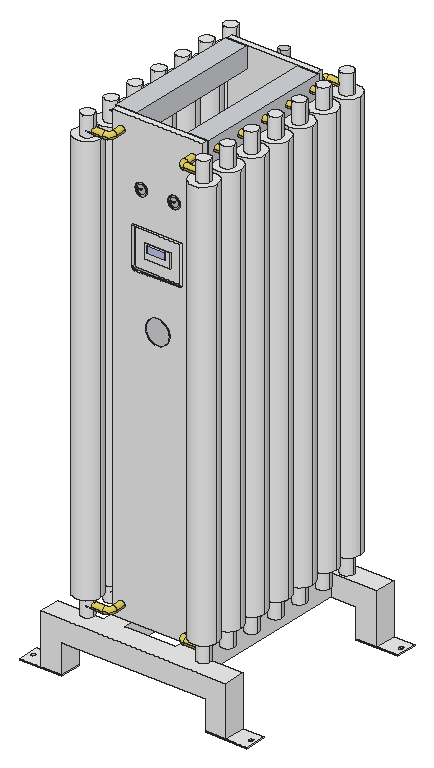
Revit family "Chaine de traitement par Absorption (support au sol) - AD5455", category Equipement spécialisé, Revit 2018
Family settings
  Cote de connecteur circulaire = Utiliser le diamètre
  Type d'élément = Normal
  Basée sur le plan de construction = Non
  Toujours verticalement = Oui
  Couper avec des vides une fois chargée = Non
  Partagée = Non
  Point de calcul de pièce = Non
Parameters (values of type "SEC 7 HC - AD 5455")
  TERRE = yes
  TENSION_ALIM = 230 V  # constant formula
  Rayon_Raccord_Face_Avant = 40 mm
  Rayon_Percement_Fixation_Sol = Diametre_Percement_Fixation_Sol / 2  # 7 mm
  Profondeur_Totale = 700 mm
  PUISS_ELECT_X = 0.15 kW
  PUISS_APPARENTE_X = PUISS_ELECT_X / COS_PHI  # 166.667 VA
  PROTEC_ELECT_X = "Disjoncteur courbe D - 1 A"
  POIDS(Kg) = 330 mm
  P1 = Epaisseur_Cache - 10 mm  # 10 mm
  NEUTRE = yes
  NBR_POLES = 1
  Modèle = "SEC 7 HC - AD 5455"
  Lien espace client = "https://www.mils.fr/en/customers-area/"
  Largeur_Totale = 760 mm
  Largeur_Pieds = 480 mm
  Largeur_Panneaux_Avant_Arriere = 300 mm
  LONGUEUR = Profondeur_Totale  # 700 mm
  LARGEUR = Largeur_Totale  # 760 mm
  Hauteur_Totale = 1690 mm
  Hauteur_Sol_Barres = 100 mm
  Hauteur_Rouleau = 1505 mm
  HAUTEUR = Hauteur_Totale  # 1690 mm
  Fabricant = "MIL'S"
  FREQUENCE = 50 Hz  # constant formula
  Epaisseur_Cache = 20 mm
  Epaisseur_Barre_Support = 70 mm
  Entraxe_Vertical_Percement_Fixation_Sol = 630 mm
  Entraxe_Rouleaux = 390 mm
  Entraxe_Manometres = 110 mm
  Entraxe_Horizontal_Percement_Fixation_Sol = 730 mm
  Entraxe_Barres_Verticales = 310 mm
  Entraxe_Barres_Horizontales = 560 mm
  E2 = Epaisseur_Barre_Support / 2  # 35 mm
  E1 = Epaisseur_Barre_Support * 2  # 140 mm
  Distance_Panneaux_Avant_Arriere = 500 mm
  Diametre_Raccord_Face_Avant = Rayon_Raccord_Face_Avant * 2  # 80 mm
  Diametre_Percement_Fixation_Sol = 14 mm
  DIAM_SORTIE_AIR = 32 mm
  DIAM_ENTREE_AIR = 32 mm
  DESCR_SORTIE_AIR = "Sortie Air ; 455 m3/h à 10 bar ; ID G 1\"1/4 ;"
  DESCR_ENTREE_AIR = "Entrée Air ; 455 m3/h à 10 bar ; ID G 1\"1/4 ;"
  DESCR_ALIM_X = "Alimentation X ; ID 3G1mm² ;"
  DEBIT_SORTIE_AIR = 455.0 m³/h
  DEBIT_ENTREE_AIR = DEBIT_SORTIE_AIR  # 455.0 m³/h
  COS_PHI = 0.9  # constant formula
Reference planes
  plane 1 "Centre (avant/arrière)": y = 0
  plane 2: z = 0
  plane 3 "Centre (gauche/droite)": x = 0
  plane 4: y = 350
  plane 5: y = 280
  plane 6: y = -280
  plane 7: y = -350
  plane 8: x = -155
  plane 9: x = -85
  plane 10: x = 85
  plane 11: x = 155
  plane 12: y = 500
  plane 13: y = -500
  plane 14: x = -380
  plane 15: x = 380
  plane 16: x = -120
  plane 17: x = 120
  plane 18: x = -240
  plane 19: x = 240
  plane 20: z = 1690
  plane 21: y = -330
  plane 22: y = 350
  plane 23: y = 330
  plane 24: y = -340
  plane 25: x = -365
  plane 26: x = 365
  plane 27: y = -315
  plane 28: y = 315
  plane 29: x = -195
  plane 30: x = 195
  plane 31: y = -200
  plane 32: y = -100
  plane 33: y = 0
  plane 34: y = 100
  plane 35: y = 200
  plane 36: y = 300
  plane 37: y = -300
  plane 38: y = 250
  plane 39: y = -250
  plane 40: y = 230
  plane 41: y = -230
  plane 42: z = 1480
  plane 43: x = -55
  plane 44: x = 55
Forms (mm)
  Extrusion 1, solid, material "Aluminium - Laqué, Blanc"
    sketch origin (0, 0, 0) x (1, 0, 0) y (0, 1, 0)
      loop
        line (-380, 350) -> (-380, 280) -> (-240, 280) -> (-240, 350) -> (-380, 350)
      loop
        line (-380, -280) -> (-380, -350) -> (-240, -350) -> (-240, -280) -> (-380, -280)
      loop
        line (380, 350) -> (240, 350) -> (240, 280) -> (380, 280) -> (380, 350)
      loop
        line (380, -280) -> (240, -280) -> (240, -350) -> (380, -350) -> (380, -280)
    from 0 to 2.5
  Sweep 2, solid, material "Aluminium - Laqué, Blanc"
    path origin (0, 0, 0) x (1, 0, 0) y (0, 0, 1)
      loop
        line (-240, 2.5) -> (-240, 100) -> (240, 100) -> (240, 2.5)
    profile origin (-240, 0, 51.25) x (-1, 0, 0) y (0, -1, 0)
      loop
        line (0, -350) -> (70, -350) -> (70, -280) -> (0, -280) -> (0, -350)
      loop
        line (0, 280) -> (70, 280) -> (70, 350) -> (0, 350) -> (0, 280)
  Extrusion 3, solid, material "Aluminium - Laqué, Blanc"
    sketch origin (0, 0, 0) x (1, 0, 0) y (0, 0, 1)
      loop
        line (-155, 170) -> (-155, 100) -> (-85, 100) -> (-85, 170) -> (-155, 170)
      loop
        line (85, 170) -> (85, 100) -> (155, 100) -> (155, 170) -> (85, 170)
    from -280 to 280
  Extrusion 4, solid, material "Aluminium - Laqué, Blanc"
    sketch origin (0, 0, 0) x (1, 0, 0) y (0, 0, 1)
      loop
        line (-150, 1690) -> (-150, 170) -> (150, 170) -> (150, 1690) -> (-150, 1690)
      loop
        circle (0, 1070.886) r 40
      loop
        circle (-55, 1480) r 20
      loop
        circle (55, 1480) r 20
      loop
        arc (-75, 1370) -> (-82.071, 1367.071) -> (-85, 1360) r 10
        line (-85, 1360) -> (-85, 1240)
        arc (-85, 1240) -> (-82.071, 1232.929) -> (-75, 1230) r 10
        line (-75, 1230) -> (75, 1230)
        arc (75, 1230) -> (82.071, 1232.929) -> (85, 1240) r 10
        line (85, 1240) -> (85, 1360)
        arc (85, 1360) -> (82.071, 1367.071) -> (75, 1370) r 10
        line (75, 1370) -> (-75, 1370)
    from 250 to 230
  Extrusion 5, solid
    sketch origin (0, 0, 0) x (1, 0, 0) y (0, 0, 1)
      loop
        circle (0, 1070.886) r 40
    from 230 to 250
  Extrusion 6, solid, material "Aluminium - Laqué, Blanc"
    sketch origin (0, 0, 0) x (1, 0, 0) y (0, 0, 1)
      loop
        line (-150, 1690) -> (-150, 170) -> (150, 170) -> (150, 1690) -> (-150, 1690)
    from -230 to -250
  Sweep 7, solid
    path origin (0, 0, 0) x (0, 1, 0) y (0, 0, 1)
      loop
        line (250, 1650) -> (260, 1650)
        arc (260, 1650) -> (274.142, 1655.858) -> (280, 1670) r 20
        line (280, 1670) -> (280, 1690)
    profile origin (0, 255, 1650) x (0, 0, 1) y (1, 0, 0)
      loop
        circle (0, 0) r 16
  Extrusion 8, void
    sketch origin (0, 0, 0) x (1, 0, 0) y (0, 1, 0)
      loop
        circle (-365, 315) r 7
      loop
        circle (-365, -315) r 7
      loop
        circle (365, -315) r 7
      loop
        circle (365, 315) r 7
    from 0 to 2.5
  Extrusion 9, solid, material "Brass 6E7D908B"
    sketch origin (0, 0, 0) x (0, 1, 0) y (0, 0, 1)
      loop
        circle (200, 1657.5) r 10
      loop
        circle (200, 212.5) r 10
      loop
        circle (100, 1657.5) r 10
      loop
        circle (100, 212.5) r 10
      loop
        circle (0, 1657.5) r 10
      loop
        circle (0, 212.5) r 10
      loop
        circle (-100, 1657.5) r 10
      loop
        circle (-100, 212.5) r 10
      loop
        circle (-200, 1657.5) r 10
      loop
        circle (-200, 212.5) r 10
    from -195 to -155
  Extrusion 10, solid, material "Brass 6E7D908B"
    sketch origin (0, 0, 0) x (0, 1, 0) y (0, 0, -1)
      loop
        circle (200, -1657.5) r 10
      loop
        circle (200, -212.5) r 10
      loop
        circle (100, -1657.5) r 10
      loop
        circle (100, -212.5) r 10
      loop
        circle (0, -1657.5) r 10
      loop
        circle (0, -212.5) r 10
      loop
        circle (-100, -1657.5) r 10
      loop
        circle (-100, -212.5) r 10
      loop
        circle (-200, -1657.5) r 10
      loop
        circle (-200, -212.5) r 10
    from -195 to -155
  Extrusion 11, solid
    sketch origin (0, 0, 70) x (1, 0, 0) y (0, 0, 1)
      loop
        line (-155, 170) -> (-155, 100) -> (-85, 100) -> (-85, 170) -> (-155, 170)
      loop
        line (85, 170) -> (85, 100) -> (155, 100) -> (155, 170) -> (85, 170)
    from -230 to 230
  Sweep 12, solid, material "Brass 6E7D908B"
    path origin (0, 0, 0) x (1, 0, 0) y (0, 1, 0)
      loop
        line (-195, 300) -> (-135, 300)
        arc (-135, 300) -> (-124.393, 295.607) -> (-120, 285) r 15
        line (-120, 285) -> (-120, 250)
    profile origin (-165, 300, 0) x (0, 1, 0) y (0, 0, 1)
      loop
        circle (0, 1637.5) r 10
  Sweep 13, solid, material "Brass 6E7D908B"
    path origin (0, 0, 0) x (-1, 0, 0) y (0, 1, 0)
      loop
        line (-195, 300) -> (-135, 300)
        arc (-135, 300) -> (-124.393, 295.607) -> (-120, 285) r 15
        line (-120, 285) -> (-120, 250)
    profile origin (165, 300, 0) x (0, -1, 0) y (0, 0, 1)
      loop
        circle (0, 1637.5) r 10
  Sweep 14, solid, material "Brass 6E7D908B"
    path origin (0, 0, 0) x (1, 0, 0) y (0, -1, 0)
      loop
        line (-195, 300) -> (-135, 300)
        arc (-135, 300) -> (-124.393, 295.607) -> (-120, 285) r 15
        line (-120, 285) -> (-120, 250)
    profile origin (-165, -300, 0) x (0, 1, 0) y (0, 0, 1)
      loop
        circle (0, 1637.5) r 10
  Sweep 15, solid, material "Brass 6E7D908B"
    path origin (0, 0, 0) x (-1, 0, 0) y (0, -1, 0)
      loop
        line (-195, 300) -> (-135, 300)
        arc (-135, 300) -> (-124.393, 295.607) -> (-120, 285) r 15
        line (-120, 285) -> (-120, 250)
    profile origin (165, -300, 0) x (0, -1, 0) y (0, 0, 1)
      loop
        circle (0, 1637.5) r 10
  Extrusion 16, solid
    sketch origin (0, 0, 1500) x (1, 0, 0) y (0, 0, 1)
      loop
        line (-155, 190) -> (-155, 120) -> (-85, 120) -> (-85, 190) -> (-155, 190)
      loop
        line (85, 190) -> (85, 120) -> (155, 120) -> (155, 190) -> (85, 190)
    from -230 to 230
  Sweep 17, solid, material "Brass 6E7D908B"
    path origin (0, 0, -1425) x (1, 0, 0) y (0, 1, 0)
      loop
        line (-195, 300) -> (-135, 300)
        arc (-135, 300) -> (-124.393, 295.607) -> (-120, 285) r 15
        line (-120, 285) -> (-120, 250)
    profile origin (-165, 300, -1425) x (0, 1, 0) y (0, 0, 1)
      loop
        circle (0, 1637.5) r 10
  Sweep 18, solid, material "Brass 6E7D908B"
    path origin (0, 0, -1425) x (-1, 0, 0) y (0, 1, 0)
      loop
        line (-195, 300) -> (-135, 300)
        arc (-135, 300) -> (-124.393, 295.607) -> (-120, 285) r 15
        line (-120, 285) -> (-120, 250)
    profile origin (165, 300, -1425) x (0, -1, 0) y (0, 0, 1)
      loop
        circle (0, 1637.5) r 10
  Sweep 19, solid, material "Brass 6E7D908B"
    path origin (0, 0, -1425) x (1, 0, 0) y (0, -1, 0)
      loop
        line (-195, 300) -> (-135, 300)
        arc (-135, 300) -> (-124.393, 295.607) -> (-120, 285) r 15
        line (-120, 285) -> (-120, 250)
    profile origin (-165, -300, -1425) x (0, 1, 0) y (0, 0, 1)
      loop
        circle (0, 1637.5) r 10
  Sweep 20, solid, material "Brass 6E7D908B"
    path origin (0, 0, -1425) x (-1, 0, 0) y (0, -1, 0)
      loop
        line (-195, 300) -> (-135, 300)
        arc (-135, 300) -> (-124.393, 295.607) -> (-120, 285) r 15
        line (-120, 285) -> (-120, 250)
    profile origin (165, -300, -1425) x (0, -1, 0) y (0, 0, 1)
      loop
        circle (0, 1637.5) r 10
Cuts and joins
  joined: Sweep 2, Extrusion 3
  Extrusion 8 cuts Extrusion 1
Dimensions and locks
  equal spacing: plane 4, plane 1 "Centre (avant/arrière)", plane 7
  "Profondeur_Totale": plane 4 to plane 7
  "Epaisseur_Barre_Support": plane 4 to plane 5
  "Epaisseur_Barre_Support": plane 6 to plane 7
  "Entraxe_Barres_Verticales": plane 8 to plane 11
  equal spacing: plane 8, plane 3 "Centre (gauche/droite)", plane 11
  "Epaisseur_Barre_Support": plane 8 to plane 9
  "Epaisseur_Barre_Support": plane 10 to plane 11
  equal spacing: plane 14, plane 3 "Centre (gauche/droite)", plane 15
  "Largeur_Totale": plane 14 to plane 15
  equal spacing: plane 8, plane 16, plane 9
  equal spacing: plane 10, plane 17, plane 11
  "Hauteur_Sol_Barres": Sweep 2 sketch curve to level
  "Epaisseur_Barre_Support": Sweep 2 sketch curve to plane 18
  "Hauteur_Totale": plane 20 to level
  "Epaisseur_Cache": plane 21 to plane 7
  "Epaisseur_Cache": plane 4 to plane 23
  "P1": plane 21 to plane 24
  equal spacing: plane 28, plane 1 "Centre (avant/arrière)", plane 27
  equal spacing: plane 25, plane 3 "Centre (gauche/droite)", plane 26
  "Entraxe_Horizontal_Percement_Fixation_Sol": plane 25 to plane 26
  "Entraxe_Vertical_Percement_Fixation_Sol": plane 28 to plane 27
  equal spacing: plane 29, plane 3 "Centre (gauche/droite)", plane 30
  "Entraxe_Rouleaux": plane 29 to plane 30
  equal spacing: plane 36, plane 35, plane 34, plane 33, plane 32, plane 31, plane 37
  plane 36 to plane 37 = 600 mm
  equal spacing: plane 18, plane 3 "Centre (gauche/droite)", plane 19
  "Largeur_Pieds": plane 18 to plane 19
  "E1": Sweep 2 sketch curve to plane 14
  "E1": plane 15 to Sweep 2 sketch curve
  equal spacing: Extrusion 6, plane 3 "Centre (gauche/droite)", Extrusion 6
  equal spacing: Extrusion 4 sketch curve, plane 3 "Centre (gauche/droite)", Extrusion 4 sketch curve
  "Largeur_Panneaux_Avant_Arriere": Extrusion 4 sketch curve to Extrusion 4 sketch curve
  equal spacing: plane 38, plane 1 "Centre (avant/arrière)", plane 39
  "Distance_Panneaux_Avant_Arriere": plane 38 to plane 39
  equal spacing: plane 40, plane 1 "Centre (avant/arrière)", plane 41
  "Epaisseur_Cache": plane 38 to plane 40
  plane 41 to plane 39 = 20 mm
  equal spacing: plane 44, plane 3 "Centre (gauche/droite)", plane 43
  "Entraxe_Manometres": plane 44 to plane 43
  "Rayon_Raccord_Face_Avant": radius of Extrusion 4 sketch curve
  "Rayon_Raccord_Face_Avant": radius of Extrusion 5 sketch curve
  "Rayon_Percement_Fixation_Sol": radius of Extrusion 8 sketch curve  (x4)
  aligned and locked: level to plane 2
  aligned and locked: Extrusion 1 sketch curve to plane 4
  aligned and locked: plane 14 to Extrusion 1 sketch curve  (x2)
  aligned and locked: plane 5 to Extrusion 1 sketch curve
  aligned and locked: Extrusion 1 sketch curve to plane 6
  aligned and locked: plane 7 to Extrusion 1 sketch curve
  aligned and locked: plane 4 to Extrusion 1 sketch curve
  aligned and locked: plane 15 to Extrusion 1 sketch curve  (x2)
  aligned and locked: Extrusion 1 sketch curve to plane 5
  aligned and locked: plane 6 to Extrusion 1 sketch curve
  aligned and locked: Extrusion 1 sketch curve to plane 7
  aligned and locked: Extrusion 1 to Sweep 2 sketch curve  (x2)
  aligned and locked: Sweep 2 sketch curve to Sweep 2 sketch curve
  aligned and locked: Extrusion 3 sketch curve to Sweep 2  (x4)
  aligned and locked: plane 8 to Extrusion 3 sketch curve
  aligned and locked: Extrusion 3 sketch curve to plane 9
  aligned and locked: plane 10 to Extrusion 3 sketch curve
  aligned and locked: Extrusion 3 sketch curve to plane 11
  aligned and locked: Extrusion 1 sketch curve to plane 18  (x2)
  aligned and locked: Extrusion 1 sketch curve to plane 19  (x2)
  aligned and locked: Sweep 2 sketch curve to plane 5
  aligned and locked: plane 6 to Sweep 2 sketch curve
  aligned and locked: plane 18 to Sweep 2 sketch curve  (x2)
  aligned and locked: Extrusion 4 sketch curve to plane 20
  aligned and locked: cut or joined group of Sweep 2, Extrusion 3 to Extrusion 4 sketch curve
  aligned and locked: Extrusion 6 sketch curve to Extrusion 4  (x2)
  aligned and locked: plane 29 to nested 16
  aligned and locked: plane 29 to nested 14
  aligned and locked: plane 29 to nested 3
  aligned and locked: plane 29 to nested 2
  aligned and locked: plane 29 to nested 1
  aligned and locked: plane 29 to nested 4
  aligned and locked: plane 29 to nested 5
  aligned and locked: plane 30 to nested 17
  aligned and locked: plane 30 to nested 15
  aligned and locked: plane 30 to nested 8
  aligned and locked: plane 30 to nested 7
  aligned and locked: plane 30 to nested 6
  aligned and locked: plane 30 to nested 9
  aligned and locked: plane 30 to nested 10
  aligned and locked: nested 16 to plane 36
  aligned and locked: plane 36 to nested 17
  aligned and locked: nested 14 to plane 35
  aligned and locked: plane 35 to nested 15
  aligned and locked: nested 3 to plane 34
  aligned and locked: plane 34 to nested 8
  aligned and locked: nested 2 to plane 33
  aligned and locked: plane 33 to nested 7
  aligned and locked: nested 1 to plane 32
  aligned and locked: plane 32 to nested 6
  aligned and locked: nested 4 to plane 31
  aligned and locked: plane 31 to nested 9
  aligned and locked: nested 5 to plane 37
  aligned and locked: plane 37 to nested 10
  aligned and locked: Extrusion 9 to plane 29
  aligned and locked: plane 8 to Extrusion 9
  aligned and locked: plane 29 to Extrusion 9
  aligned and locked: Extrusion 10 to plane 11
  aligned and locked: Extrusion 4 sketch curve to nested 13  (x4)
  aligned and locked: plane 38 to Extrusion 6
  aligned and locked: plane 40 to Extrusion 6
  aligned and locked: Extrusion 4 to plane 39
  aligned and locked: Extrusion 6 to plane 38
  aligned and locked: Extrusion 6 to plane 40
  aligned and locked: plane 39 to Extrusion 4
  aligned and locked: Extrusion 4 to plane 41
  aligned and locked: plane 39 to nested 11
  aligned and locked: plane 39 to nested 12
  aligned and locked: Extrusion 5 to plane 41
  aligned and locked: Extrusion 5 to plane 39
  aligned and locked: plane 42 to nested 11
  aligned and locked: plane 42 to nested 12
  aligned and locked: plane 43 to nested 11
  aligned and locked: plane 44 to nested 12
  aligned and locked: cut or joined group of Sweep 2, Extrusion 3 to plane 6
  aligned and locked: plane 5 to cut or joined group of Sweep 2, Extrusion 3
  aligned and locked: Extrusion 11 to Extrusion 6
  aligned and locked: Extrusion 11 to Extrusion 4
  aligned and locked: plane 38 to Sweep 12 sketch curve
  aligned and locked: nested 16 to Sweep 12 sketch curve
Automatic sketch dimensions
  level to Sweep 2 sketch curve = 2.5 mm  (x2)
  Extrusion 4 sketch curve to plane 42 = 0 mm  (x2)
  Extrusion 4 sketch curve to plane 43 = 0 mm
  Extrusion 4 sketch curve to plane 3 "Centre (gauche/droite)" = 0 mm
  Extrusion 4 sketch curve to plane 44 = 0 mm
  plane 9 to Extrusion 4 sketch curve = 10 mm  (x2)
  Extrusion 4 sketch curve to plane 10 = 10 mm  (x2)
  Extrusion 4 sketch curve to Extrusion 4 sketch curve = 159.114 mm
  Extrusion 5 sketch curve to plane 3 "Centre (gauche/droite)" = 0 mm
  Extrusion 5 sketch curve to plane 42 = 409.114 mm
  plane 8 to Extrusion 6 sketch curve = 5 mm
  Extrusion 6 sketch curve to plane 11 = 5 mm
  Sweep 7 sketch curve to plane 38 = 0 mm
  Sweep 7 sketch curve to plane 5 = 0 mm
  Sweep 7 sketch curve to plane 20 = 0 mm
  plane 38 to Sweep 7 sketch curve = 10 mm
  Sweep 7 sketch curve to Sweep 7 sketch curve = 20 mm
  Sweep 7 sketch curve to plane 3 "Centre (gauche/droite)" = 0 mm
  Sweep 7 sketch curve to profile plane = 0 mm
  Extrusion 8 sketch curve to plane 25 = 0 mm  (x2)
  Extrusion 8 sketch curve to plane 26 = 0 mm  (x2)
  Extrusion 8 sketch curve to plane 27 = 0 mm  (x2)
  Extrusion 8 sketch curve to plane 28 = 0 mm  (x2)
  Extrusion 9 sketch curve to plane 31 = 0 mm  (x2)
  Extrusion 9 sketch curve to plane 32 = 0 mm  (x2)
  Extrusion 9 sketch curve to plane 1 "Centre (avant/arrière)" = 0 mm  (x2)
  Extrusion 9 sketch curve to plane 34 = 0 mm  (x2)
  Extrusion 9 sketch curve to plane 35 = 0 mm  (x2)
  level to Extrusion 9 sketch curve = 212.5 mm
  Extrusion 9 sketch curve to Extrusion 9 sketch curve = 0 mm  (x4)
  Extrusion 9 sketch curve to plane 20 = 32.5 mm  (x5)
  Extrusion 10 sketch curve to plane 31 = 0 mm  (x2)
  Extrusion 10 sketch curve to plane 32 = 0 mm  (x2)
  Extrusion 10 sketch curve to plane 1 "Centre (avant/arrière)" = 0 mm  (x2)
  Extrusion 10 sketch curve to plane 34 = 0 mm  (x2)
  Extrusion 10 sketch curve to plane 35 = 0 mm  (x2)
  Extrusion 10 sketch curve to plane 20 = 32.5 mm  (x5)
  level to Extrusion 10 sketch curve = 212.5 mm  (x2)
  Extrusion 10 sketch curve to Extrusion 10 sketch curve = 0 mm  (x3)
  Extrusion 11 sketch curve to plane 8 = 0 mm
  Extrusion 11 sketch curve to plane 9 = 0 mm
  Extrusion 11 sketch curve to plane 10 = 0 mm
  Extrusion 11 sketch curve to plane 11 = 0 mm
  level to Extrusion 11 sketch curve = 170 mm  (x2)
  Extrusion 11 sketch curve to Extrusion 11 sketch curve = 70 mm  (x2)
  Sweep 12 sketch curve to plane 36 = 0 mm
  Sweep 12 sketch curve to plane 16 = 0 mm
  plane 5 to Sweep 12 sketch curve = 5 mm
  Sweep 12 sketch curve to profile plane = 0 mm
  level to Sweep 12 sketch curve = 1637.5 mm
  Sweep 13 sketch curve to plane 30 = 0 mm
  Sweep 13 sketch curve to plane 36 = 0 mm
  Sweep 13 sketch curve to plane 17 = 0 mm
  Sweep 13 sketch curve to plane 38 = 0 mm
  Sweep 13 sketch curve to plane 5 = 5 mm
  Sweep 13 sketch curve to profile plane = 0 mm
  level to Sweep 13 sketch curve = 1637.5 mm
  Sweep 14 sketch curve to plane 29 = 0 mm
  Sweep 14 sketch curve to plane 37 = 0 mm
  Sweep 14 sketch curve to plane 16 = 0 mm
  Sweep 14 sketch curve to plane 39 = 0 mm
  plane 6 to Sweep 14 sketch curve = 5 mm
  Sweep 14 sketch curve to profile plane = 0 mm
  level to Sweep 14 sketch curve = 1637.5 mm
  Sweep 15 sketch curve to plane 30 = 0 mm
  Sweep 15 sketch curve to plane 37 = 0 mm
  Sweep 15 sketch curve to plane 17 = 0 mm
  Sweep 15 sketch curve to plane 39 = 0 mm
  Sweep 15 sketch curve to plane 6 = 5 mm
  Sweep 15 sketch curve to profile plane = 0 mm
  level to Sweep 15 sketch curve = 1637.5 mm
  Extrusion 16 sketch curve to plane 8 = 0 mm
  Extrusion 16 sketch curve to plane 9 = 0 mm
  Extrusion 16 sketch curve to plane 10 = 0 mm
  Extrusion 16 sketch curve to plane 11 = 0 mm
  Extrusion 16 sketch curve to plane 20 = 0 mm  (x2)
  Extrusion 16 sketch curve to plane 20 = 70 mm  (x2)
  Sweep 17 sketch curve to plane 29 = 0 mm
  Sweep 17 sketch curve to plane 36 = 0 mm
  Sweep 17 sketch curve to plane 16 = 0 mm
  Sweep 17 sketch curve to plane 38 = 0 mm
  plane 5 to Sweep 17 sketch curve = 5 mm
  Sweep 17 sketch curve to profile plane = 0 mm
  profile plane to Sweep 17 sketch curve = 1637.5 mm
  Sweep 18 sketch curve to plane 30 = 0 mm
  Sweep 18 sketch curve to plane 36 = 0 mm
  Sweep 18 sketch curve to plane 17 = 0 mm
  Sweep 18 sketch curve to plane 38 = 0 mm
  Sweep 18 sketch curve to plane 5 = 5 mm
  Sweep 18 sketch curve to profile plane = 0 mm
  profile plane to Sweep 18 sketch curve = 1637.5 mm
  Sweep 19 sketch curve to plane 29 = 0 mm
  Sweep 19 sketch curve to plane 37 = 0 mm
  Sweep 19 sketch curve to plane 16 = 0 mm
  Sweep 19 sketch curve to plane 39 = 0 mm
  plane 6 to Sweep 19 sketch curve = 5 mm
  Sweep 19 sketch curve to profile plane = 0 mm
  profile plane to Sweep 19 sketch curve = 1637.5 mm
  Sweep 20 sketch curve to plane 30 = 0 mm
  Sweep 20 sketch curve to plane 37 = 0 mm
  Sweep 20 sketch curve to plane 17 = 0 mm
  Sweep 20 sketch curve to plane 39 = 0 mm
  Sweep 20 sketch curve to plane 6 = 5 mm
  Sweep 20 sketch curve to profile plane = 0 mm
  profile plane to Sweep 20 sketch curve = 1637.5 mm
  radius of Extrusion 4 sketch curve = 20 mm  (x2)
  radius of Sweep 7 sketch curve = 16 mm
  radius of Extrusion 9 sketch curve = 10 mm  (x10)
  radius of Extrusion 10 sketch curve = 10 mm  (x10)
  radius of Sweep 12 sketch curve = 10 mm
  radius of Sweep 13 sketch curve = 10 mm
  radius of Sweep 14 sketch curve = 10 mm
  radius of Sweep 15 sketch curve = 10 mm
  radius of Sweep 17 sketch curve = 10 mm
  radius of Sweep 18 sketch curve = 10 mm
  radius of Sweep 19 sketch curve = 10 mm
  radius of Sweep 20 sketch curve = 10 mm
Nested families
  nested 1: "Rouleau Filtration Air" at (-195, -100, 180), type "Rouleau Filtration Air"
    with Hauteur_Totale 1505 mm, Hauteur_Rouleau 1375 mm, H1 1440 mm
  nested 2: "Rouleau Filtration Air" at (-195, 0, 180), type "Rouleau Filtration Air"
    with Hauteur_Totale 1505 mm, Hauteur_Rouleau 1375 mm, H1 1440 mm
  nested 3: "Rouleau Filtration Air" at (-195, 100, 180), type "Rouleau Filtration Air"
    with Hauteur_Totale 1505 mm, Hauteur_Rouleau 1375 mm, H1 1440 mm
  nested 4: "Rouleau Filtration Air" at (-195, -200, 180), type "Rouleau Filtration Air"
    with Hauteur_Totale 1505 mm, Hauteur_Rouleau 1375 mm, H1 1440 mm
  nested 5: "Rouleau Filtration Air" at (-195, -300, 180), type "Rouleau Filtration Air"
    with Hauteur_Totale 1505 mm, Hauteur_Rouleau 1375 mm, H1 1440 mm
  nested 6: "Rouleau Filtration Air" at (195, -100, 180) x (-1, 0, 0) z (0, 0, 1), type "Rouleau Filtration Air"
    with Hauteur_Totale 1505 mm, Hauteur_Rouleau 1375 mm, H1 1440 mm
  nested 7: "Rouleau Filtration Air" at (195, 0, 180) x (-1, 0, 0) z (0, 0, 1), type "Rouleau Filtration Air"
    with Hauteur_Totale 1505 mm, Hauteur_Rouleau 1375 mm, H1 1440 mm
  nested 8: "Rouleau Filtration Air" at (195, 100, 180) x (-1, 0, 0) z (0, 0, 1), type "Rouleau Filtration Air"
    with Hauteur_Totale 1505 mm, Hauteur_Rouleau 1375 mm, H1 1440 mm
  nested 9: "Rouleau Filtration Air" at (195, -200, 180) x (-1, 0, 0) z (0, 0, 1), type "Rouleau Filtration Air"
    with Hauteur_Totale 1505 mm, Hauteur_Rouleau 1375 mm, H1 1440 mm
  nested 10: "Rouleau Filtration Air" at (195, -300, 180) x (-1, 0, 0) z (0, 0, 1), type "Rouleau Filtration Air"
    with Hauteur_Totale 1505 mm, Hauteur_Rouleau 1375 mm, H1 1440 mm
  nested 11: "Manomètre" at (-55, -235.5, 1480), type "Manomètre"
  nested 12: "Manomètre" at (55, -235.5, 1480), type "Manomètre"
  nested 13: "Coffret commande traitement" at (0, -184, 1300), type "Coffret commande traitement"
  nested 14: "Rouleau Filtration Air" at (-195, 200, 180), type "Rouleau Filtration Air"
    with Hauteur_Totale 1505 mm, Hauteur_Rouleau 1375 mm, H1 1440 mm
  nested 15: "Rouleau Filtration Air" at (195, 200, 180) x (-1, 0, 0) z (0, 0, 1), type "Rouleau Filtration Air"
    with Hauteur_Totale 1505 mm, Hauteur_Rouleau 1375 mm, H1 1440 mm
  nested 16: "Rouleau Filtration Air" at (-195, 300, 180), type "Rouleau Filtration Air"
    with Hauteur_Totale 1505 mm, Hauteur_Rouleau 1375 mm, H1 1440 mm
  nested 17: "Rouleau Filtration Air" at (195, 300, 180) x (-1, 0, 0) z (0, 0, 1), type "Rouleau Filtration Air"
    with Hauteur_Totale 1505 mm, Hauteur_Rouleau 1375 mm, H1 1440 mm
Connectors
  piping at (0, -250, 1070.886), diameter 32, driven by "DIAM_ENTREE_AIR", driven by "DEBIT_ENTREE_AIR", driven by "DESCR_ENTREE_AIR"
    settings: on Extrusion 4, index 1, connector inside diameter 609.6 mm, connector length 0 mm, flow factor 0, pipe flow 455.0 m³/h, pressure drop 0.0 Pa, fitting loss kfactor 0, connector angle 0.00°, fixture units 0, engagement length 0 mm, angle of deflection 0.00°, flow configuration 0, flow direction 1, fitting loss method 0, system type 22, joint type 0, gender type 0, connector reference index -1, connector utility 1, adjustable connector no, is connector primary yes, connector description "Entrée Air ; 455 m3/h à 10 bar ; ID G 1\"1/4 ;"
  piping at (0, 280, 1690), diameter 32, driven by "DIAM_SORTIE_AIR", driven by "DEBIT_SORTIE_AIR", driven by "DESCR_SORTIE_AIR"
    settings: on Sweep 7, index 2, connector inside diameter 609.6 mm, connector length 0 mm, flow factor 0, pipe flow 455.0 m³/h, pressure drop 0.0 Pa, fitting loss kfactor 0, connector angle 0.00°, fixture units 0, engagement length 0 mm, angle of deflection 0.00°, flow configuration 0, flow direction 2, fitting loss method 0, system type 22, joint type 0, gender type 0, connector reference index -1, connector utility 1, adjustable connector no, is connector primary no, connector description "Sortie Air ; 455 m3/h à 10 bar ; ID G 1\"1/4 ;"
  electrical at (50, -216.5, 1210), driven by "NBR_POLES", driven by "TENSION_ALIM", driven by "PUISS_APPARENTE_X", driven by "DESCR_ALIM_X"
    settings: on nested 13, index 3, voltage 230 V, apparent load 166.667 VA, apparent load phase1 0 VA, apparent load phase2 0 VA, apparent load phase3 0 VA, power factor 1, load classification "Moteur", number of poles 1, system type 30, power factor state 1, is connector primary yes, connector utility yes, sub classification motor no, connector description "Alimentation X ; ID 3G1mm² ;"
Definition of nested family "Rouleau Filtration Air"
  Parameters (values of type "Rouleau Filtration Air")
    Rayon_Rouleau = 44.5 mm
    Rayon_Embout = 21 mm
    Hauteur_Totale = 950 mm
    Hauteur_Rouleau = Hauteur_Totale - (Hauteur_Embout * 2)  # 820 mm
    Hauteur_Embout = 65 mm
    H1 = Hauteur_Totale - Hauteur_Embout  # 885 mm
    Diametre_Rouleau = Rayon_Rouleau * 2  # 89 mm
    Diametre_Embout = Rayon_Embout * 2  # 42 mm
  Reference planes
    plane 1 "Centre (avant/arrière)": y = 0
    plane 2: z = 0
    plane 3 "Centre (gauche/droite)": x = 0
    plane 4: z = 65
    plane 5: z = 950
    plane 6: x = -44.5
    plane 7: x = 44.5
    plane 8: z = 475
    plane 9: y = 44.5
    plane 10: y = -44.5
    plane 11: z = 917.5
    plane 12: z = 885
    plane 13: z = 32.5
  Forms (mm)
    Extrusion 1, solid
      sketch origin (0, 0, 0) x (1, 0, 0) y (0, 1, 0)
        loop
          circle (0, 0) r 21
      from 0 to 65 <- "Hauteur_Embout"
    Extrusion 2, solid
      sketch origin (0, 0, 0) x (1, 0, 0) y (0, 1, 0)
        loop
          circle (0, 0) r 44.5
      from 65 <- "Hauteur_Embout" to 885 <- "H1"
    Extrusion 3, solid
      sketch origin (0, 0, 0) x (1, 0, 0) y (0, 1, 0)
        loop
          circle (0, 0) r 21
      from 885 <- "H1" to 950 <- "Hauteur_Totale"
  Dimensions and locks
    equal spacing: plane 7, plane 3 "Centre (gauche/droite)", plane 6
    "Hauteur_Embout": plane 4 to level
    "Hauteur_Totale": plane 5 to level
    equal spacing: plane 5, plane 8, level
    "Diametre_Rouleau": plane 6 to plane 7
    equal spacing: plane 9, plane 1 "Centre (avant/arrière)", plane 10
    "Diametre_Rouleau": plane 9 to plane 10
    equal spacing: plane 5, plane 11, plane 12
    equal spacing: plane 4, plane 13, level
    equal spacing: plane 12, plane 8, plane 4
    "Hauteur_Rouleau": plane 12 to plane 4
    "Rayon_Embout": radius of Extrusion 1 sketch curve
    "Rayon_Rouleau": radius of Extrusion 2 sketch curve
    "Rayon_Embout": radius of Extrusion 3 sketch curve
    aligned and locked: level to plane 2
    aligned and locked: plane 12 to Extrusion 2
  Automatic sketch dimensions
    plane 1 "Centre (avant/arrière)" to Extrusion 1 sketch curve = 0 mm
    Extrusion 1 sketch curve to plane 3 "Centre (gauche/droite)" = 0 mm
    plane 1 "Centre (avant/arrière)" to Extrusion 2 sketch curve = 0 mm
    Extrusion 2 sketch curve to plane 3 "Centre (gauche/droite)" = 0 mm
    plane 1 "Centre (avant/arrière)" to Extrusion 3 sketch curve = 0 mm
    Extrusion 3 sketch curve to plane 3 "Centre (gauche/droite)" = 0 mm
Definition of nested family "Manomètre"
  Reference planes
    plane 1 "Centre (avant/arrière)": y = 0
    plane 2: z = 0
    plane 3 "Centre (gauche/droite)": x = 0
    plane 4: y = 12.5
    plane 5: x = 20
    plane 6: x = -20
    plane 7: z = 20
    plane 8: z = -20
    plane 9: z = 0
    plane 10: y = -14.5
  Forms (mm)
    Extrusion 1, solid
      sketch origin (-63.94, 0, -97.665) x (-1, 0, 0) y (0, 0, -1)
        loop
          circle (-63.94, -97.665) r 20
      from -12.5 to 12.5
    Extrusion 2, solid
      sketch origin (-63.94, 0, -97.665) x (-1, 0, 0) y (0, 0, -1)
        loop
          circle (-63.94, -97.665) r 20
        loop
          circle (-63.94, -97.665) r 16.483
        loop
          circle (-63.94, -97.665) r 1.016
      from 12.5 to 14.5
    Extrusion 3, solid
      sketch origin (-65, 0, -76.847) x (-1, 0, 0) y (0, 0, -1)
        loop
          line (-65.052, -78.832) -> (-50.052, -76.792) -> (-65.052, -74.752)
          arc (-65.052, -74.752) -> (-67.092, -76.792) -> (-65.052, -78.832) r 2.04
      from 13 to 14
  Dimensions and locks
    aligned and locked: level to plane 2
    aligned and locked: plane 2 to plane 9
    aligned and locked: plane 4 to Extrusion 1
    aligned and locked: plane 10 to Extrusion 2
Definition of nested family "Coffret commande traitement"
  Parameters (values of type "Coffret commande traitement")
    Profondeur_Boitier = 65 mm
    Largeur_Boitier = 170 mm
    Hauteur_Boitier = 140 mm
  Reference planes
    plane 1 "Centre (avant/arrière)": y = 0
    plane 2: z = 0
    plane 3 "Centre (gauche/droite)": x = 0
    plane 4: z = 70
    plane 5: x = -85
    plane 6: z = -70
    plane 7: x = 85
    plane 8: z = 0
  Forms (mm)
    Extrusion 1, solid
      sketch origin (0, 0, 0) x (1, 0, 0) y (0, 0, 1)
        loop
          line (-85, 70) -> (-85, -70) -> (85, -70) -> (85, 70) -> (-85, 70)
      from 0 to 65 <- "Profondeur_Boitier"
    Sweep 2, void
      path origin (0, 0, 0) x (1, 0, 0) y (0, 1, 0)
        loop
          line (-85, 0) -> (-85, -65) -> (85, -65) -> (85, 0)
      profile origin (-85, -32.5, 0) x (1, 0, 0) y (0, 0, 1)
        loop
          line (10, 70) -> (0, 70) -> (0, 60)
          arc (0, 60) -> (2.929, 67.071) -> (10, 70) r 10
        loop
          arc (10, -70) -> (2.929, -67.071) -> (0, -60) r 10
          line (0, -60) -> (0, -70) -> (10, -70)
    Sweep 3, void
      path origin (0, 0, 0) x (0, 1, 0) y (0, 0, 1)
        loop
          line (-65, 70) -> (-65, -70)
      profile origin (0, -65, 0) x (1, 0, 0) y (0, 1, 0)
        loop
          arc (85, 10) -> (82.071, 2.929) -> (75, 0) r 10
          line (75, 0) -> (85, 0) -> (85, 10)
        loop
          line (-85, 10) -> (-85, 0) -> (-75, 0)
          arc (-75, 0) -> (-82.071, 2.929) -> (-85, 10) r 10
    Extrusion 4, solid
      sketch origin (0, 0, 0) x (1, 0, 0) y (0, 1, 0)
        loop
          circle (-50, -32.5) r 10
        loop
          circle (50, -32.5) r 10
      from -70 to -90
    Extrusion 5, solid
      sketch origin (0, 0, 0) x (1, 0, 0) y (0, 0, 1)
        loop
          line (-42.5, 25) -> (-42.5, -25) -> (42.5, -25) -> (42.5, 25) -> (-42.5, 25)
      from 65 to 66
    Extrusion 6, solid
      sketch origin (0, 0, 0) x (1, 0, 0) y (0, 0, 1)
        loop
          line (-34.092, 18.982) -> (-34.092, -6.018) -> (25.908, -6.018) -> (25.908, 18.982) -> (-34.092, 18.982)
      from 65 to 67
  Cuts and joins
    Sweep 2, Sweep 3 cuts Extrusion 1
  Dimensions and locks
    equal spacing: plane 7, plane 3 "Centre (gauche/droite)", plane 5
    equal spacing: plane 4, level, plane 6
    "Largeur_Boitier": plane 7 to plane 5
    "Hauteur_Boitier": plane 4 to plane 6
    aligned and locked: level to plane 2
    aligned and locked: Extrusion 1 sketch curve to plane 4
    aligned and locked: plane 5 to Extrusion 1 sketch curve
    aligned and locked: plane 6 to Extrusion 1 sketch curve
    aligned and locked: Extrusion 1 sketch curve to plane 7
    aligned and locked: plane 2 to plane 8
  Automatic sketch dimensions
    Sweep 2 sketch curve to plane 5 = 0 mm
    Sweep 2 sketch curve to plane 7 = 0 mm
    plane 1 "Centre (avant/arrière)" to Sweep 2 sketch curve = 0 mm  (x2)
    plane 1 "Centre (avant/arrière)" to Sweep 2 sketch curve = 65 mm
    profile plane to Sweep 2 sketch curve = 0 mm  (x2)
    Sweep 2 sketch curve to Sweep 2 sketch curve = 10 mm  (x3)
    Sweep 2 sketch curve to level = 70 mm
    level to Sweep 2 sketch curve = 60 mm
    Sweep 2 sketch curve to Sweep 2 sketch curve = 0 mm  (x3)
    Sweep 3 sketch curve to plane 6 = 0 mm
    Sweep 3 sketch curve to plane 4 = 0 mm
    plane 1 "Centre (avant/arrière)" to Sweep 3 sketch curve = 65 mm
    profile plane to Sweep 3 sketch curve = 0 mm  (x2)
    Sweep 3 sketch curve to plane 3 "Centre (gauche/droite)" = 85 mm
    Sweep 3 sketch curve to profile plane = 10 mm  (x2)
    plane 3 "Centre (gauche/droite)" to Sweep 3 sketch curve = 75 mm
    Sweep 3 sketch curve to Sweep 3 sketch curve = 0 mm  (x2)
    plane 5 to Extrusion 4 sketch curve = 35 mm
    Extrusion 4 sketch curve to plane 7 = 35 mm
    plane 1 "Centre (avant/arrière)" to Extrusion 4 sketch curve = 32.5 mm  (x2)
    plane 5 to Extrusion 5 sketch curve = 42.5 mm
    plane 3 "Centre (gauche/droite)" to Extrusion 5 sketch curve = 42.5 mm
    Extrusion 5 sketch curve to level = 25 mm
    level to Extrusion 5 sketch curve = 25 mm
    Extrusion 6 sketch curve to level = 6.018 mm
    Extrusion 6 sketch curve to plane 3 "Centre (gauche/droite)" = 34.092 mm
    plane 3 "Centre (gauche/droite)" to Extrusion 6 sketch curve = 25.908 mm
    level to Extrusion 6 sketch curve = 18.982 mm
    radius of Extrusion 4 sketch curve = 10 mm  (x2)
